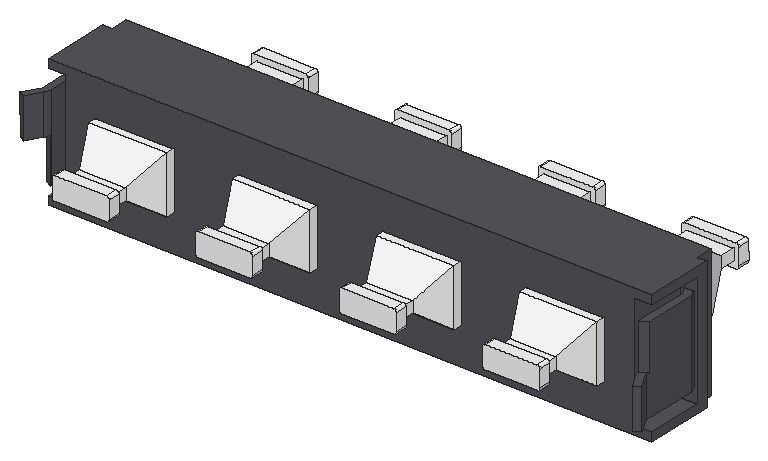
Revit family "Adaptateur 4 MTP", category Installations électriques, Revit 2020
Family settings
  Conserver l'orientation des annotations = Non
  Cote de connecteur circulaire = Utiliser le diamètre
  Type d'élément = Normal
  Basée sur le plan de construction = Non
  Toujours verticalement = Oui
  Couper avec des vides une fois chargée = Non
  Partagée = Non
  Point de calcul de pièce = Non
Parameters (values of type "Adaptateur 4 MTP traversée multimode")
  Type de fibre optique = "Multimode"
  Type de connecteur interne = "MT_MPO"
  Type de connecteur externe = "MT_MPO"
  Température de stockage = "-10°C à 60°C"
  Température de fonctionnement = "-10°C à 60°C"
  Référence Legrand = "032134"
  RAL = "9017"
  Profondeur = 44.7 mm
  Nombre de connecteurs = 4
  Lien e-catalogue = "https://www.legrand.fr/reference/032134/pro"
  Libellé BIM = "Adaptateur 4 MTP traversée multimode"
  Largeur des connecteurs = 13.5 mm
  Largeur de l'ouverture = 8.35 mm
  Largeur (mm) = 108.8 mm
  IP = "IP20"
  IK = "IK04"
  Hauteur des connecteurs = 10 mm
  Hauteur de l'ouverture = 6.5 mm
  Hauteur = 23 mm
  Fonction = "Panneaux de brassage à connecteur optique Legrand"
  Elévation par défaut = 0 mm
  EAN = "3414970962065"
  Couleur des connecteurs = IDS_JAUNE
  Couleur = IDS_NOIR
  Classe ETIM = "EC001130"
Types (2, lengths in mm): name | Type de fibre optique | Référence Legrand | Lien e-catalogue | Libellé BIM | EAN | Couleur des connecteurs
  Adaptateur 4 MTP traversée monomode | "Monomode" | "032133" | "https://www.legrand.fr/reference/032133/pro" | "Adaptateur 4 MTP traversée monomode" | "3414970962041" | IDS_VERT
  Adaptateur 4 MTP traversée multimode | "Multimode" | "032134" | "https://www.legrand.fr/reference/032134/pro" | "Adaptateur 4 MTP traversée multimode" | "3414970962065" | IDS_JAUNE
Reference planes
  plane 1 "Centre (avant/arrière)": y = 0
  plane 2: z = 0
  plane 3 "Centre (gauche/droite)": x = 0
  plane 4 "Clip bas": z = 4
  plane 5 "Clip haut": z = 19
  plane 6: x = 105.5
  plane 7: x = 52.75
  plane 8: through (0.797, -2.504, 1200) normal (-0.866, 0.5, 0)
  plane 9: z = 6.5
  plane 10: z = 16.5
  plane 11: z = 6.5
  plane 12: z = 16.5
  plane 13: x = 8.35
  plane 14: x = 21.85
  plane 15: z = 23
  plane 16: x = 33.45
  plane 17: x = 46.95
  plane 18: x = 58.55
  plane 19: x = 72.05
  plane 20: y = 21
  plane 21: y = 11
  plane 22: y = 1
  plane 23: x = 83.65
  plane 24: x = 97.15
  plane 25: y = -7
  plane 26: z = 10.5
  plane 27: z = 12.5
  plane 28: x = 11.1
  plane 29: x = 19.1
  plane 30: z = 10.5
  plane 31: z = 12.5
  plane 32: x = 36.2
  plane 33: x = 44.2
  plane 34: z = 10.5
  plane 35: z = 12.5
  plane 36: x = 61.3
  plane 37: x = 69.3
  plane 38: z = 10.5
  plane 39: z = 12.5
  plane 40: x = 86.4
  plane 41: x = 94.4
  plane 42: z = 10.5
  plane 43: z = 12.5
  plane 44: x = 11.1
  plane 45: x = 19.1
  plane 46: z = 10.5
  plane 47: z = 12.5
  plane 48: x = 36.2
  plane 49: x = 44.2
  plane 50: z = 10.5
  plane 51: z = 12.5
  plane 52: x = 61.3
  plane 53: x = 69.3
  plane 54: z = 10.5
  plane 55: z = 12.5
  plane 56: x = 86.4
  plane 57: x = 94.4
Forms (mm)
  Extrusion 1, solid, material "IDS_NOIR"
    sketch origin (0, 0, 0) x (1, 0, 0) y (0, 1, 0)
      loop
        line (0, 0) -> (105.5, 0) -> (105.5, 12) -> (103.9, 12) -> (103.9, 15) -> (1.6, 15) -> (1.6, 12) -> (0, 12) -> (0, 0)
    from 0 to 23
  Extrusion 2, void
    sketch origin (0, 0, 0) x (-1, 0, 0) y (0, 0, 1)
      loop
        line (0, 21.5) -> (-3, 21.5) -> (-3, 1.5) -> (0, 1.5) -> (0, 21.5)
      loop
        line (-105.5, 21.5) -> (-105.5, 1.5) -> (-102.5, 1.5) -> (-102.5, 21.5) -> (-105.5, 21.5)
    from 0 to 10
  Extrusion 3, solid, material "IDS_NOIR"
    sketch origin (0, 25.162, 4) x (0, 1, 0) y (-1, 0, 0)
      loop
        line (-29.912, 0.5) -> (-27.374, -0.965)
        arc (-27.374, -0.965) -> (-26.771, -1.215) -> (-26.124, -1.3) r 2.5
        line (-26.124, -1.3) -> (-16.662, -1.3) -> (-15.162, -2.166) -> (-15.162, -0.665) -> (-16.313, 0) -> (-26.446, 0) -> (-29.262, 1.626) -> (-29.912, 0.5)
      loop
        line (-29.912, -106) -> (-29.262, -107.126) -> (-26.446, -105.5) -> (-16.313, -105.5) -> (-15.162, -104.835) -> (-15.162, -103.334) -> (-16.662, -104.2) -> (-26.124, -104.2)
        arc (-26.124, -104.2) -> (-26.771, -104.285) -> (-27.374, -104.535) r 2.5
        line (-27.374, -104.535) -> (-29.912, -106)
    from 0 to 15
  Extrusion 4, void
    sketch origin (0.797, -2.504, 1200) x (0.5, 0.866025, 0) y (0, 0, 1)
      loop
        line (-2.593, -1196) -> (1.407, -1196) -> (1.407, -1188) -> (-2.593, -1188) -> (-2.593, -1196)
    from 0 to -2.615
  Extrusion 5, void
    sketch origin (104.703, -2.504, 1200) x (-0.5, 0.866025, 0) y (0, 0, -1)
      loop
        line (-2.593, 1181) -> (1.407, 1181) -> (1.407, 1189) -> (-2.593, 1189) -> (-2.593, 1181)
    from 0 to -2.615
  Extrusion 6, void
    sketch origin (2.941, 0, 0) x (-1, 0, 0) y (0, 0, 1)
      loop
        line (-5.409, 16.5) -> (-18.909, 16.5) -> (-18.909, 6.5) -> (-5.409, 6.5) -> (-5.409, 16.5)
      loop
        line (-30.509, 6.5) -> (-30.509, 16.5) -> (-44.009, 16.5) -> (-44.009, 6.5) -> (-30.509, 6.5)
      loop
        line (-55.609, 16.5) -> (-69.109, 16.5) -> (-69.109, 6.5) -> (-55.609, 6.5) -> (-55.609, 16.5)
      loop
        line (-80.709, 6.5) -> (-80.709, 16.5) -> (-94.209, 16.5) -> (-94.209, 6.5) -> (-80.709, 6.5)
    from 0 to 15
  Extrusion 7, solid, material "IDS_JAUNE" <- "Couleur des connecteurs"
    sketch origin (-7.488, 1, 1200) x (-1, 0, 0) y (0, 0, 1)
      loop
        line (-15.838, -1183.5) -> (-29.338, -1183.5) -> (-29.338, -1193.5) -> (-15.838, -1193.5) -> (-15.838, -1183.5)
      loop
        line (-66.038, -1183.5) -> (-79.538, -1183.5) -> (-79.538, -1193.5) -> (-66.038, -1193.5) -> (-66.038, -1183.5)
      loop
        line (-54.438, -1193.5) -> (-40.938, -1193.5) -> (-40.938, -1183.5) -> (-54.438, -1183.5) -> (-54.438, -1193.5)
      loop
        line (-91.138, -1183.5) -> (-104.638, -1183.5) -> (-104.638, -1193.5) -> (-91.138, -1193.5) -> (-91.138, -1183.5)
    from 0 to 20
  Extrusion 8, solid, material "IDS_BLANC"
    sketch origin (-7.488, 1, 1200) x (-1, 0, 0) y (0, 0, 1)
      loop
        line (-15.838, -1183.5) -> (-29.338, -1183.5) -> (-29.338, -1193.5) -> (-15.838, -1193.5) -> (-15.838, -1183.5)
      loop
        line (-40.938, -1183.5) -> (-54.438, -1183.5) -> (-54.438, -1193.5) -> (-40.938, -1193.5) -> (-40.938, -1183.5)
      loop
        line (-66.038, -1183.5) -> (-79.538, -1183.5) -> (-79.538, -1193.5) -> (-66.038, -1193.5) -> (-66.038, -1183.5)
      loop
        line (-91.138, -1183.5) -> (-104.638, -1183.5) -> (-104.638, -1193.5) -> (-91.138, -1193.5) -> (-91.138, -1183.5)
    from 0 to -2.5
  Extrusion 9, solid, material "IDS_BLANC"
    sketch origin (5.742, -7, 1200) x (-1, 0, 0) y (0, 0, 1)
      loop
        line (-5.358, -1187.5) -> (-13.358, -1187.5) -> (-13.358, -1189.5) -> (-5.358, -1189.5) -> (-5.358, -1187.5)
    from -2.75 to 0
  SweptBlend 10, solid, material "IDS_BLANC"
    path origin (0, 25.162, 4) x (0, 1, 0) y (-1, 0, 0)
      loop
        line (-26.662, -15.1) -> (-32.162, -15.1)
    profile origin (15.1, -1.5, 4) x (1, 0, 0) y (0, 0, 1)
      loop
        line (-6.75, 12.5) -> (-6.75, 2.5) -> (6.75, 2.5) -> (6.75, 12.5) -> (-6.75, 12.5)
    end profile origin (15.1, -7, 4) x (1, 0, 0) y (0, 0, 1)
      loop
        line (4, 8.5) -> (-4, 8.5) -> (-4, 6.5) -> (4, 6.5) -> (4, 8.5)
  Extrusion 11, solid, material "IDS_BLANC"
    sketch origin (5.742, -9.75, 1200) x (1, 0, 0) y (0, 0, 1)
      loop
        arc (4.858, -1186.5) -> (4.504, -1186.646) -> (4.358, -1187) r 0.5
        line (4.358, -1187) -> (4.358, -1190)
        arc (4.358, -1190) -> (4.504, -1190.354) -> (4.858, -1190.5) r 0.5
        line (4.858, -1190.5) -> (13.858, -1190.5)
        arc (13.858, -1190.5) -> (14.211, -1190.354) -> (14.358, -1190) r 0.5
        line (14.358, -1190) -> (14.358, -1187)
        arc (14.358, -1187) -> (14.211, -1186.646) -> (13.858, -1186.5) r 0.5
        line (13.858, -1186.5) -> (4.858, -1186.5)
    from 0 to 2
  Extrusion 12, solid, material "IDS_BLANC"
    sketch origin (30.842, -7, 1205.5) x (-1, 0, 0) y (0, 0, 1)
      loop
        line (-5.358, -1193) -> (-13.358, -1193) -> (-13.358, -1195) -> (-5.358, -1195) -> (-5.358, -1193)
    from -2.75 to 0
  SweptBlend 13, solid, material "IDS_BLANC"
    path origin (25.1, 25.162, 4) x (0, 1, 0) y (-1, 0, 0)
      loop
        line (-26.662, -15.1) -> (-32.162, -15.1)
    profile origin (40.2, -1.5, 4) x (1, 0, 0) y (0, 0, 1)
      loop
        line (-6.75, 12.5) -> (-6.75, 2.5) -> (6.75, 2.5) -> (6.75, 12.5) -> (-6.75, 12.5)
    end profile origin (40.2, -7, 4) x (1, 0, 0) y (0, 0, 1)
      loop
        line (4, 8.5) -> (-4, 8.5) -> (-4, 6.5) -> (4, 6.5) -> (4, 8.5)
  Extrusion 14, solid, material "IDS_BLANC"
    sketch origin (30.842, -9.75, 1205.5) x (1, 0, 0) y (0, 0, 1)
      loop
        arc (4.858, -1192) -> (4.504, -1192.146) -> (4.358, -1192.5) r 0.5
        line (4.358, -1192.5) -> (4.358, -1195.5)
        arc (4.358, -1195.5) -> (4.504, -1195.854) -> (4.858, -1196) r 0.5
        line (4.858, -1196) -> (13.858, -1196)
        arc (13.858, -1196) -> (14.211, -1195.854) -> (14.358, -1195.5) r 0.5
        line (14.358, -1195.5) -> (14.358, -1192.5)
        arc (14.358, -1192.5) -> (14.211, -1192.146) -> (13.858, -1192) r 0.5
        line (13.858, -1192) -> (4.858, -1192)
    from 0 to 2
  Extrusion 15, solid, material "IDS_BLANC"
    sketch origin (55.942, -7, 1205.5) x (-1, 0, 0) y (0, 0, 1)
      loop
        line (-5.358, -1193) -> (-13.358, -1193) -> (-13.358, -1195) -> (-5.358, -1195) -> (-5.358, -1193)
    from -2.75 to 0
  SweptBlend 16, solid, material "IDS_BLANC"
    path origin (50.2, 25.162, 4) x (0, 1, 0) y (-1, 0, 0)
      loop
        line (-26.662, -15.1) -> (-32.162, -15.1)
    profile origin (65.3, -1.5, 4) x (1, 0, 0) y (0, 0, 1)
      loop
        line (-6.75, 12.5) -> (-6.75, 2.5) -> (6.75, 2.5) -> (6.75, 12.5) -> (-6.75, 12.5)
    end profile origin (65.3, -7, 4) x (1, 0, 0) y (0, 0, 1)
      loop
        line (4, 8.5) -> (-4, 8.5) -> (-4, 6.5) -> (4, 6.5) -> (4, 8.5)
  Extrusion 17, solid, material "IDS_BLANC"
    sketch origin (55.942, -9.75, 1205.5) x (1, 0, 0) y (0, 0, 1)
      loop
        arc (4.858, -1192) -> (4.504, -1192.146) -> (4.358, -1192.5) r 0.5
        line (4.358, -1192.5) -> (4.358, -1195.5)
        arc (4.358, -1195.5) -> (4.504, -1195.854) -> (4.858, -1196) r 0.5
        line (4.858, -1196) -> (13.858, -1196)
        arc (13.858, -1196) -> (14.211, -1195.854) -> (14.358, -1195.5) r 0.5
        line (14.358, -1195.5) -> (14.358, -1192.5)
        arc (14.358, -1192.5) -> (14.211, -1192.146) -> (13.858, -1192) r 0.5
        line (13.858, -1192) -> (4.858, -1192)
    from 0 to 2
  Extrusion 18, solid, material "IDS_BLANC"
    sketch origin (81.042, -7, 1205.5) x (-1, 0, 0) y (0, 0, 1)
      loop
        line (-5.358, -1193) -> (-13.358, -1193) -> (-13.358, -1195) -> (-5.358, -1195) -> (-5.358, -1193)
    from -2.75 to 0
  SweptBlend 19, solid, material "IDS_BLANC"
    path origin (75.3, 25.162, 4) x (0, 1, 0) y (-1, 0, 0)
      loop
        line (-26.662, -15.1) -> (-32.162, -15.1)
    profile origin (90.4, -1.5, 4) x (1, 0, 0) y (0, 0, 1)
      loop
        line (-6.75, 12.5) -> (-6.75, 2.5) -> (6.75, 2.5) -> (6.75, 12.5) -> (-6.75, 12.5)
    end profile origin (90.4, -7, 4) x (1, 0, 0) y (0, 0, 1)
      loop
        line (4, 8.5) -> (-4, 8.5) -> (-4, 6.5) -> (4, 6.5) -> (4, 8.5)
  Extrusion 20, solid, material "IDS_BLANC"
    sketch origin (81.042, -9.75, 1205.5) x (1, 0, 0) y (0, 0, 1)
      loop
        arc (4.858, -1192) -> (4.504, -1192.146) -> (4.358, -1192.5) r 0.5
        line (4.358, -1192.5) -> (4.358, -1195.5)
        arc (4.358, -1195.5) -> (4.504, -1195.854) -> (4.858, -1196) r 0.5
        line (4.858, -1196) -> (13.858, -1196)
        arc (13.858, -1196) -> (14.211, -1195.854) -> (14.358, -1195.5) r 0.5
        line (14.358, -1195.5) -> (14.358, -1192.5)
        arc (14.358, -1192.5) -> (14.211, -1192.146) -> (13.858, -1192) r 0.5
        line (13.858, -1192) -> (4.858, -1192)
    from 0 to 2
  Extrusion 21, solid, material "IDS_BLANC"
    sketch origin (5.742, 29, 1200) x (-1, 0, 0) y (0, 0, -1)
      loop
        line (-5.358, 1187.5) -> (-5.358, 1189.5) -> (-13.358, 1189.5) -> (-13.358, 1187.5) -> (-5.358, 1187.5)
    from -2.75 to 0
  SweptBlend 22, solid, material "IDS_BLANC"
    path origin (0, -3.162, 4) x (0, -1, 0) y (1, 0, 0)
      loop
        line (-26.662, 15.1) -> (-32.162, 15.1)
    profile origin (15.1, 23.5, 4) x (-1, 0, 0) y (0, 0, 1)
      loop
        line (6.75, 12.5) -> (-6.75, 12.5) -> (-6.75, 2.5) -> (6.75, 2.5) -> (6.75, 12.5)
    end profile origin (15.1, 29, 4) x (-1, 0, 0) y (0, 0, 1)
      loop
        line (-4, 8.5) -> (-4, 6.5) -> (4, 6.5) -> (4, 8.5) -> (-4, 8.5)
  Extrusion 23, solid, material "IDS_BLANC"
    sketch origin (5.742, 31.75, 1200) x (1, 0, 0) y (0, 0, -1)
      loop
        line (4.858, 1186.5) -> (13.858, 1186.5)
        arc (13.858, 1186.5) -> (14.211, 1186.646) -> (14.358, 1187) r 0.5
        line (14.358, 1187) -> (14.358, 1190)
        arc (14.358, 1190) -> (14.211, 1190.354) -> (13.858, 1190.5) r 0.5
        line (13.858, 1190.5) -> (4.858, 1190.5)
        arc (4.858, 1190.5) -> (4.504, 1190.354) -> (4.358, 1190) r 0.5
        line (4.358, 1190) -> (4.358, 1187)
        arc (4.358, 1187) -> (4.504, 1186.646) -> (4.858, 1186.5) r 0.5
    from 0 to 2
  Extrusion 24, solid, material "IDS_BLANC"
    sketch origin (30.842, 29, 1205.5) x (-1, 0, 0) y (0, 0, -1)
      loop
        line (-5.358, 1193) -> (-5.358, 1195) -> (-13.358, 1195) -> (-13.358, 1193) -> (-5.358, 1193)
    from -2.75 to 0
  SweptBlend 25, solid, material "IDS_BLANC"
    path origin (25.1, -3.162, 4) x (0, -1, 0) y (1, 0, 0)
      loop
        line (-26.662, 15.1) -> (-32.162, 15.1)
    profile origin (40.2, 23.5, 4) x (-1, 0, 0) y (0, 0, 1)
      loop
        line (6.75, 12.5) -> (-6.75, 12.5) -> (-6.75, 2.5) -> (6.75, 2.5) -> (6.75, 12.5)
    end profile origin (40.2, 29, 4) x (-1, 0, 0) y (0, 0, 1)
      loop
        line (-4, 8.5) -> (-4, 6.5) -> (4, 6.5) -> (4, 8.5) -> (-4, 8.5)
  Extrusion 26, solid, material "IDS_BLANC"
    sketch origin (30.842, 31.75, 1205.5) x (1, 0, 0) y (0, 0, -1)
      loop
        line (4.858, 1192) -> (13.858, 1192)
        arc (13.858, 1192) -> (14.211, 1192.146) -> (14.358, 1192.5) r 0.5
        line (14.358, 1192.5) -> (14.358, 1195.5)
        arc (14.358, 1195.5) -> (14.211, 1195.854) -> (13.858, 1196) r 0.5
        line (13.858, 1196) -> (4.858, 1196)
        arc (4.858, 1196) -> (4.504, 1195.854) -> (4.358, 1195.5) r 0.5
        line (4.358, 1195.5) -> (4.358, 1192.5)
        arc (4.358, 1192.5) -> (4.504, 1192.146) -> (4.858, 1192) r 0.5
    from 0 to 2
  Extrusion 27, solid, material "IDS_BLANC"
    sketch origin (55.942, 29, 1205.5) x (-1, 0, 0) y (0, 0, -1)
      loop
        line (-5.358, 1193) -> (-5.358, 1195) -> (-13.358, 1195) -> (-13.358, 1193) -> (-5.358, 1193)
    from -2.75 to 0
  SweptBlend 28, solid, material "IDS_BLANC"
    path origin (50.2, -3.162, 4) x (0, -1, 0) y (1, 0, 0)
      loop
        line (-26.662, 15.1) -> (-32.162, 15.1)
    profile origin (65.3, 23.5, 4) x (-1, 0, 0) y (0, 0, 1)
      loop
        line (6.75, 12.5) -> (-6.75, 12.5) -> (-6.75, 2.5) -> (6.75, 2.5) -> (6.75, 12.5)
    end profile origin (65.3, 29, 4) x (-1, 0, 0) y (0, 0, 1)
      loop
        line (-4, 8.5) -> (-4, 6.5) -> (4, 6.5) -> (4, 8.5) -> (-4, 8.5)
  Extrusion 29, solid, material "IDS_BLANC"
    sketch origin (55.942, 31.75, 1205.5) x (1, 0, 0) y (0, 0, -1)
      loop
        line (4.858, 1192) -> (13.858, 1192)
        arc (13.858, 1192) -> (14.211, 1192.146) -> (14.358, 1192.5) r 0.5
        line (14.358, 1192.5) -> (14.358, 1195.5)
        arc (14.358, 1195.5) -> (14.211, 1195.854) -> (13.858, 1196) r 0.5
        line (13.858, 1196) -> (4.858, 1196)
        arc (4.858, 1196) -> (4.504, 1195.854) -> (4.358, 1195.5) r 0.5
        line (4.358, 1195.5) -> (4.358, 1192.5)
        arc (4.358, 1192.5) -> (4.504, 1192.146) -> (4.858, 1192) r 0.5
    from 0 to 2
  Extrusion 30, solid, material "IDS_BLANC"
    sketch origin (81.042, 29, 1205.5) x (-1, 0, 0) y (0, 0, -1)
      loop
        line (-5.358, 1193) -> (-5.358, 1195) -> (-13.358, 1195) -> (-13.358, 1193) -> (-5.358, 1193)
    from -2.75 to 0
  SweptBlend 31, solid, material "IDS_BLANC"
    path origin (75.3, -3.162, 4) x (0, -1, 0) y (1, 0, 0)
      loop
        line (-26.662, 15.1) -> (-32.162, 15.1)
    profile origin (90.4, 23.5, 4) x (-1, 0, 0) y (0, 0, 1)
      loop
        line (6.75, 12.5) -> (-6.75, 12.5) -> (-6.75, 2.5) -> (6.75, 2.5) -> (6.75, 12.5)
    end profile origin (90.4, 29, 4) x (-1, 0, 0) y (0, 0, 1)
      loop
        line (-4, 8.5) -> (-4, 6.5) -> (4, 6.5) -> (4, 8.5) -> (-4, 8.5)
  Extrusion 32, solid, material "IDS_BLANC"
    sketch origin (81.042, 31.75, 1205.5) x (1, 0, 0) y (0, 0, -1)
      loop
        line (4.858, 1192) -> (13.858, 1192)
        arc (13.858, 1192) -> (14.211, 1192.146) -> (14.358, 1192.5) r 0.5
        line (14.358, 1192.5) -> (14.358, 1195.5)
        arc (14.358, 1195.5) -> (14.211, 1195.854) -> (13.858, 1196) r 0.5
        line (13.858, 1196) -> (4.858, 1196)
        arc (4.858, 1196) -> (4.504, 1195.854) -> (4.358, 1195.5) r 0.5
        line (4.358, 1195.5) -> (4.358, 1192.5)
        arc (4.358, 1192.5) -> (4.504, 1192.146) -> (4.858, 1192) r 0.5
    from 0 to 2
  Extrusion 33, solid, material "IDS_BLANC"
    sketch origin (-7.488, 21, 1200) x (-1, 0, 0) y (0, 0, -1)
      loop
        line (-15.838, 1183.5) -> (-15.838, 1193.5) -> (-29.338, 1193.5) -> (-29.338, 1183.5) -> (-15.838, 1183.5)
      loop
        line (-40.938, 1183.5) -> (-40.938, 1193.5) -> (-54.438, 1193.5) -> (-54.438, 1183.5) -> (-40.938, 1183.5)
      loop
        line (-66.038, 1183.5) -> (-66.038, 1193.5) -> (-79.538, 1193.5) -> (-79.538, 1183.5) -> (-66.038, 1183.5)
      loop
        line (-91.138, 1183.5) -> (-91.138, 1193.5) -> (-104.638, 1193.5) -> (-104.638, 1183.5) -> (-91.138, 1183.5)
    from 0 to -2.5
Cuts and joins
  Extrusion 2, Extrusion 6 cuts Extrusion 1
  Extrusion 4, Extrusion 5 cuts Extrusion 3
  joined: Extrusion 8, Extrusion 9, SweptBlend 10, Extrusion 11, Extrusion 12, SweptBlend 13, Extrusion 14, Extrusion 15, SweptBlend 16, Extrusion 17, Extrusion 18, SweptBlend 19, Extrusion 20
Lines and regions (mm)
  model lines
    curve 1: line (21.85, -1.5, 6.5) -> (8.35, -1.5, 6.5)
    curve 2: line (21.85, -1.5, 16.5) -> (21.85, -1.5, 6.5)
    curve 3: line (8.35, -1.5, 16.5) -> (21.85, -1.5, 16.5)
    curve 4: line (8.35, -1.5, 6.5) -> (8.35, -1.5, 16.5)
Dimensions and locks
  locked: plane 1 "Centre (avant/arrière)" to Extrusion 1 sketch curve at 15
  locked: Extrusion 1 sketch curve to Extrusion 1 sketch curve at 105.5
  locked: Extrusion 1 sketch curve to Extrusion 1 sketch curve at 1.6  (x2)
  locked: Extrusion 1 sketch curve to Extrusion 1 sketch curve at 12
  locked: Extrusion 2 sketch curve to level at 1.5
  locked: Extrusion 1 to Extrusion 2 sketch curve at 1.5
  locked: Extrusion 2 sketch curve to plane 3 "Centre (gauche/droite)" at 3
  locked: Extrusion 2 sketch curve to Extrusion 1 at 3
  plane 4 "Clip bas" to level = 4 mm
  cut or joined group of Extrusion 1, Extrusion 2, Extrusion 6 to plane 5 "Clip haut" = 4 mm
  locked: Extrusion 3 sketch curve to plane 3 "Centre (gauche/droite)" at 0.5
  locked: Extrusion 3 sketch curve to plane 1 "Centre (avant/arrière)" at 4.75
  locked: plane 3 "Centre (gauche/droite)" to Extrusion 3 sketch curve at 1.3
  plane 1 "Centre (avant/arrière)" to Extrusion 3 sketch curve = 8.5 mm
  equal spacing: plane 3 "Centre (gauche/droite)", plane 7, plane 6, locked at 52.75 each
  locked: Extrusion 3 to Extrusion 4 sketch curve at 4
  locked: Extrusion 3 to Extrusion 4 sketch curve at 8
  cut or joined group of Extrusion 3, Extrusion 4, Extrusion 5 to Extrusion 5 sketch curve = 8 mm
  Extrusion 5 sketch curve to cut or joined group of Extrusion 3, Extrusion 4, Extrusion 5 = 4 mm
  "Hauteur de l'ouverture": plane 9 to level
  "Hauteur des connecteurs": plane 10 to plane 9
  "Hauteur des connecteurs": plane 12 to plane 11
  "Largeur de l'ouverture": plane 13 to plane 3 "Centre (gauche/droite)"
  "Largeur des connecteurs": plane 13 to plane 14
  locked: plane 15 to level at 23
  "Hauteur de l'ouverture": plane 15 to plane 12
  "Largeur des connecteurs": plane 16 to plane 17
  locked: plane 14 to plane 16 at 11.6
  plane 17 to plane 18 = 11.6 mm
  "Largeur des connecteurs": plane 18 to plane 19
  plane 20 to cut or joined group of Extrusion 1, Extrusion 2, Extrusion 6 = 6 mm
  locked: plane 22 to plane 1 "Centre (avant/arrière)" at 1
  "Largeur des connecteurs": plane 23 to plane 24
  plane 23 to plane 19 = 11.6 mm
  plane 6 to plane 24 = 8.35 mm
  Extrusion 8 to plane 25 = 5.5 mm
  plane 26 to plane 9 = 4 mm
  plane 10 to plane 27 = 4 mm
  plane 27 to plane 26 = 2 mm
  Extrusion 8 to plane 28 = 2.75 mm
  plane 28 to plane 29 = 8 mm
  plane 29 to plane 14 = 2.75 mm
  Extrusion 11 sketch curve to Extrusion 9 = 1 mm  (x3)
  Extrusion 9 to Extrusion 11 sketch curve = 1 mm
  plane 31 to plane 30 = 2 mm
  plane 32 to plane 33 = 8 mm
  Extrusion 14 sketch curve to Extrusion 12 = 1 mm  (x3)
  Extrusion 12 to Extrusion 14 sketch curve = 1 mm
  plane 35 to plane 34 = 2 mm
  plane 36 to plane 37 = 8 mm
  Extrusion 17 sketch curve to Extrusion 15 = 1 mm  (x3)
  Extrusion 15 to Extrusion 17 sketch curve = 1 mm
  plane 39 to plane 38 = 2 mm
  plane 40 to plane 41 = 8 mm
  Extrusion 20 sketch curve to Extrusion 18 = 1 mm  (x3)
  Extrusion 18 to Extrusion 20 sketch curve = 1 mm
  equal spacing: plane 20, plane 21, plane 22
  plane 42 to plane 43 = 2 mm
  plane 44 to plane 45 = 8 mm
  Extrusion 21 to Extrusion 23 sketch curve = 1 mm
  Extrusion 23 sketch curve to Extrusion 21 = 1 mm  (x3)
  plane 46 to plane 47 = 2 mm
  plane 48 to plane 49 = 8 mm
  Extrusion 24 to Extrusion 26 sketch curve = 1 mm
  Extrusion 26 sketch curve to Extrusion 24 = 1 mm  (x3)
  plane 50 to plane 51 = 2 mm
  plane 52 to plane 53 = 8 mm
  Extrusion 27 to Extrusion 29 sketch curve = 1 mm
  Extrusion 29 sketch curve to Extrusion 27 = 1 mm  (x3)
  plane 54 to plane 55 = 2 mm
  plane 56 to plane 57 = 8 mm
  Extrusion 30 to Extrusion 32 sketch curve = 1 mm
  Extrusion 32 sketch curve to Extrusion 30 = 1 mm  (x3)
  locked: cut or joined group of Extrusion 1, Extrusion 2, Extrusion 6 to Extrusion 3 sketch curve (angle 60.00°)
  aligned and locked: level to plane 2
  aligned and locked: plane 5 "Clip haut" to Extrusion 3
  aligned and locked: Extrusion 3 to plane 4 "Clip bas"
  aligned and locked: plane 6 to cut or joined group of Extrusion 1, Extrusion 2, Extrusion 6
  aligned and locked: Extrusion 4 sketch curve to Extrusion 3
  aligned and locked: Extrusion 3 to Extrusion 4 sketch curve
  aligned and locked: Extrusion 5 sketch curve to cut or joined group of Extrusion 3, Extrusion 4, Extrusion 5
  aligned and locked: plane 15 to cut or joined group of Extrusion 1, Extrusion 2, Extrusion 6
  aligned and locked: Extrusion 6 to plane 9
  aligned and locked: plane 10 to Extrusion 6
  aligned and locked: plane 13 to Extrusion 6
  aligned and locked: Extrusion 6 to plane 14
  aligned and locked: plane 9 to Extrusion 6 sketch curve  (x2)
  aligned and locked: Extrusion 6 sketch curve to plane 16
  aligned and locked: Extrusion 6 sketch curve to plane 10  (x2)
  aligned and locked: plane 17 to Extrusion 6 sketch curve
  aligned and locked: plane 10 to Extrusion 6 sketch curve
  aligned and locked: plane 18 to Extrusion 6 sketch curve
  aligned and locked: Extrusion 6 sketch curve to plane 9
  aligned and locked: plane 19 to Extrusion 6 sketch curve
  aligned and locked: Extrusion 1 to Extrusion 6
  aligned and locked: Extrusion 7 sketch curve to cut or joined group of Extrusion 1, Extrusion 2, Extrusion 6  (x11)
  aligned and locked: plane 20 to Extrusion 7
  aligned and locked: Extrusion 8 sketch curve to Extrusion 7  (x12)
  aligned and locked: Extrusion 2 sketch curve to Extrusion 2 sketch curve  (x2)
  aligned and locked: Extrusion 6 sketch curve to plane 23
  aligned and locked: Extrusion 6 sketch curve to plane 24
  aligned and locked: Extrusion 8 sketch curve to cut or joined group of Extrusion 1, Extrusion 2, Extrusion 6  (x4)
  aligned and locked: plane 27 to Extrusion 9 sketch curve
  aligned and locked: plane 28 to Extrusion 9 sketch curve
  aligned and locked: Extrusion 9 sketch curve to plane 26
  aligned and locked: Extrusion 9 sketch curve to plane 29
  aligned and locked: curve 1 to Extrusion 8
  aligned and locked: curve 2 to Extrusion 8
  aligned and locked: curve 3 to Extrusion 8
  aligned and locked: curve 4 to Extrusion 8
  aligned and locked: SweptBlend 10 sketch curve to Extrusion 8  (x4)
  aligned and locked: SweptBlend 10 sketch curve to Extrusion 9  (x4)
  aligned and locked: plane 31 to Extrusion 12 sketch curve
  aligned and locked: plane 32 to Extrusion 12 sketch curve
  aligned and locked: Extrusion 12 sketch curve to plane 30
  aligned and locked: Extrusion 12 sketch curve to plane 33
  aligned and locked: SweptBlend 13 sketch curve to Extrusion 12  (x4)
  aligned and locked: plane 35 to Extrusion 15 sketch curve
  aligned and locked: plane 36 to Extrusion 15 sketch curve
  aligned and locked: Extrusion 15 sketch curve to plane 34
  aligned and locked: Extrusion 15 sketch curve to plane 37
  aligned and locked: SweptBlend 16 sketch curve to Extrusion 15  (x4)
  aligned and locked: plane 39 to Extrusion 18 sketch curve
  aligned and locked: plane 40 to Extrusion 18 sketch curve
  aligned and locked: Extrusion 18 sketch curve to plane 38
  aligned and locked: Extrusion 18 sketch curve to plane 41
  aligned and locked: SweptBlend 19 sketch curve to Extrusion 18  (x4)
  aligned and locked: Extrusion 21 sketch curve to plane 43
  aligned and locked: plane 44 to Extrusion 21 sketch curve
  aligned and locked: plane 42 to Extrusion 21 sketch curve
  aligned and locked: Extrusion 21 sketch curve to plane 45
  aligned and locked: Extrusion 21 to SweptBlend 22 sketch curve  (x2)
  aligned and locked: SweptBlend 22 sketch curve to Extrusion 21  (x2)
  aligned and locked: Extrusion 24 sketch curve to plane 47
  aligned and locked: plane 48 to Extrusion 24 sketch curve
  aligned and locked: plane 46 to Extrusion 24 sketch curve
  aligned and locked: Extrusion 24 sketch curve to plane 49
  aligned and locked: Extrusion 24 to SweptBlend 25 sketch curve  (x2)
  aligned and locked: SweptBlend 25 sketch curve to Extrusion 24  (x2)
  aligned and locked: Extrusion 27 sketch curve to plane 51
  aligned and locked: plane 52 to Extrusion 27 sketch curve
  aligned and locked: plane 50 to Extrusion 27 sketch curve
  aligned and locked: Extrusion 27 sketch curve to plane 53
  aligned and locked: Extrusion 27 to SweptBlend 28 sketch curve  (x2)
  aligned and locked: SweptBlend 28 sketch curve to Extrusion 27  (x2)
  aligned and locked: Extrusion 30 sketch curve to plane 55
  aligned and locked: plane 56 to Extrusion 30 sketch curve
  aligned and locked: plane 54 to Extrusion 30 sketch curve
  aligned and locked: Extrusion 30 sketch curve to plane 57
  aligned and locked: Extrusion 30 to SweptBlend 31 sketch curve  (x2)
  aligned and locked: SweptBlend 31 sketch curve to Extrusion 30  (x2)
Automatic sketch dimensions
  plane 1 "Centre (avant/arrière)" to Extrusion 1 sketch curve = 0 mm
  Extrusion 1 sketch curve to plane 3 "Centre (gauche/droite)" = 0 mm
  plane 21 to Extrusion 1 sketch curve = 1 mm
  plane 6 to Extrusion 2 sketch curve = 0 mm
  Extrusion 2 sketch curve to plane 3 "Centre (gauche/droite)" = 0 mm
  Extrusion 3 sketch curve to plane 6 = 0 mm
  Extrusion 3 sketch curve to plane 3 "Centre (gauche/droite)" = 0 mm
  Extrusion 3 sketch curve to plane 6 = 0.5 mm
  plane 25 to Extrusion 3 sketch curve = 2.25 mm
  Extrusion 3 sketch curve to Extrusion 3 sketch curve = 0.65 mm  (x2)
  Extrusion 3 sketch curve to plane 6 = 1.626 mm
  plane 3 "Centre (gauche/droite)" to Extrusion 3 sketch curve = 0.965 mm
  plane 6 to Extrusion 3 sketch curve = 0.965 mm
  plane 1 "Centre (avant/arrière)" to Extrusion 3 sketch curve = 0.962 mm  (x2)
  Extrusion 3 sketch curve to plane 21 = 2.5 mm
  Extrusion 3 sketch curve to Extrusion 3 sketch curve = 0.348 mm  (x2)
  Extrusion 3 sketch curve to plane 21 = 1 mm  (x2)
  Extrusion 3 sketch curve to plane 6 = 1.2 mm
  plane 6 to Extrusion 3 sketch curve = 0.665 mm
  Extrusion 3 sketch curve to Extrusion 3 sketch curve = 1.501 mm
  Extrusion 3 sketch curve to Extrusion 3 sketch curve = 0.866 mm
  plane 3 "Centre (gauche/droite)" to Extrusion 3 sketch curve = 0.665 mm
  Extrusion 5 sketch curve to Extrusion 5 sketch curve = 4 mm
  Extrusion 6 sketch curve to plane 9 = 0 mm
  plane 14 to Extrusion 6 sketch curve = 0 mm
  Extrusion 6 sketch curve to plane 10 = 0 mm
  plane 13 to Extrusion 6 sketch curve = 0 mm
  Extrusion 7 sketch curve to plane 10 = 0 mm
  Extrusion 7 sketch curve to plane 24 = 0 mm
  Extrusion 7 sketch curve to plane 9 = 0 mm
  plane 23 to Extrusion 7 sketch curve = 0 mm
  plane 17 to Extrusion 7 sketch curve = 0 mm
  SweptBlend 10 sketch curve to plane 25 = 0 mm
  SweptBlend 10 sketch curve to plane 13 = 6.75 mm
  plane 1 "Centre (avant/arrière)" to SweptBlend 10 sketch curve = 1.5 mm
  Extrusion 8 to curve 3 = 0 mm
  curve 1 to Extrusion 8 = 0 mm
  Extrusion 9 to Extrusion 11 sketch curve = 0.5 mm  (x4)
  SweptBlend 13 sketch curve to plane 25 = 0 mm
  SweptBlend 13 sketch curve to plane 16 = 6.75 mm
  plane 1 "Centre (avant/arrière)" to SweptBlend 13 sketch curve = 1.5 mm
  plane 4 "Clip bas" to SweptBlend 13 sketch curve = 2.5 mm
  profile plane to SweptBlend 13 sketch curve = 6.75 mm
  SweptBlend 13 sketch curve to profile plane = 6.75 mm
  SweptBlend 13 sketch curve to SweptBlend 13 sketch curve = 10 mm
  Extrusion 12 to Extrusion 14 sketch curve = 0.5 mm  (x3)
  Extrusion 14 sketch curve to Extrusion 14 sketch curve = 0.5 mm
  SweptBlend 16 sketch curve to plane 25 = 0 mm
  SweptBlend 16 sketch curve to plane 18 = 6.75 mm
  plane 1 "Centre (avant/arrière)" to SweptBlend 16 sketch curve = 1.5 mm
  plane 4 "Clip bas" to SweptBlend 16 sketch curve = 2.5 mm
  profile plane to SweptBlend 16 sketch curve = 6.75 mm
  SweptBlend 16 sketch curve to profile plane = 6.75 mm
  SweptBlend 16 sketch curve to SweptBlend 16 sketch curve = 10 mm
  Extrusion 15 to Extrusion 17 sketch curve = 0.5 mm  (x3)
  Extrusion 17 sketch curve to Extrusion 17 sketch curve = 0.5 mm
  SweptBlend 19 sketch curve to plane 25 = 0 mm
  SweptBlend 19 sketch curve to plane 23 = 6.75 mm
  plane 1 "Centre (avant/arrière)" to SweptBlend 19 sketch curve = 1.5 mm
  plane 4 "Clip bas" to SweptBlend 19 sketch curve = 2.5 mm
  profile plane to SweptBlend 19 sketch curve = 6.75 mm
  SweptBlend 19 sketch curve to profile plane = 6.75 mm
  SweptBlend 19 sketch curve to SweptBlend 19 sketch curve = 10 mm
  Extrusion 18 to Extrusion 20 sketch curve = 0.5 mm  (x3)
  Extrusion 20 sketch curve to Extrusion 20 sketch curve = 0.5 mm
  plane 20 to SweptBlend 22 sketch curve = 8 mm
  SweptBlend 22 sketch curve to plane 13 = 6.75 mm
  plane 20 to SweptBlend 22 sketch curve = 2.5 mm
  profile plane to SweptBlend 22 sketch curve = 6.75 mm
  SweptBlend 22 sketch curve to profile plane = 6.75 mm
  plane 4 "Clip bas" to SweptBlend 22 sketch curve = 2.5 mm
  SweptBlend 22 sketch curve to SweptBlend 22 sketch curve = 10 mm
  Extrusion 21 to Extrusion 23 sketch curve = 0.5 mm  (x3)
  Extrusion 23 sketch curve to Extrusion 23 sketch curve = 0.5 mm
  plane 20 to SweptBlend 25 sketch curve = 8 mm
  SweptBlend 25 sketch curve to plane 16 = 6.75 mm
  plane 20 to SweptBlend 25 sketch curve = 2.5 mm
  profile plane to SweptBlend 25 sketch curve = 6.75 mm
  SweptBlend 25 sketch curve to profile plane = 6.75 mm
  plane 4 "Clip bas" to SweptBlend 25 sketch curve = 2.5 mm
  SweptBlend 25 sketch curve to SweptBlend 25 sketch curve = 10 mm
  Extrusion 24 to Extrusion 26 sketch curve = 0.5 mm  (x3)
  Extrusion 26 sketch curve to Extrusion 26 sketch curve = 0.5 mm
  plane 20 to SweptBlend 28 sketch curve = 8 mm
  SweptBlend 28 sketch curve to plane 18 = 6.75 mm
  plane 20 to SweptBlend 28 sketch curve = 2.5 mm
  profile plane to SweptBlend 28 sketch curve = 6.75 mm
  SweptBlend 28 sketch curve to profile plane = 6.75 mm
  plane 4 "Clip bas" to SweptBlend 28 sketch curve = 2.5 mm
  SweptBlend 28 sketch curve to SweptBlend 28 sketch curve = 10 mm
  Extrusion 27 to Extrusion 29 sketch curve = 0.5 mm  (x3)
  Extrusion 29 sketch curve to Extrusion 29 sketch curve = 0.5 mm
  plane 20 to SweptBlend 31 sketch curve = 8 mm
  SweptBlend 31 sketch curve to plane 23 = 6.75 mm
  plane 20 to SweptBlend 31 sketch curve = 2.5 mm
  profile plane to SweptBlend 31 sketch curve = 6.75 mm
  SweptBlend 31 sketch curve to profile plane = 6.75 mm
  plane 4 "Clip bas" to SweptBlend 31 sketch curve = 2.5 mm
  SweptBlend 31 sketch curve to SweptBlend 31 sketch curve = 10 mm
  Extrusion 30 to Extrusion 32 sketch curve = 0.5 mm  (x3)
  Extrusion 32 sketch curve to Extrusion 32 sketch curve = 0.5 mm
  Extrusion 33 sketch curve to plane 10 = 0 mm  (x4)
  Extrusion 33 sketch curve to plane 24 = 0 mm
  Extrusion 33 sketch curve to plane 9 = 0 mm  (x4)
  plane 23 to Extrusion 33 sketch curve = 0 mm
  Extrusion 33 sketch curve to plane 19 = 0 mm
  plane 18 to Extrusion 33 sketch curve = 0 mm
  plane 17 to Extrusion 33 sketch curve = 0 mm
  plane 16 to Extrusion 33 sketch curve = 0 mm
  plane 14 to Extrusion 33 sketch curve = 0 mm
  plane 13 to Extrusion 33 sketch curve = 0 mm
